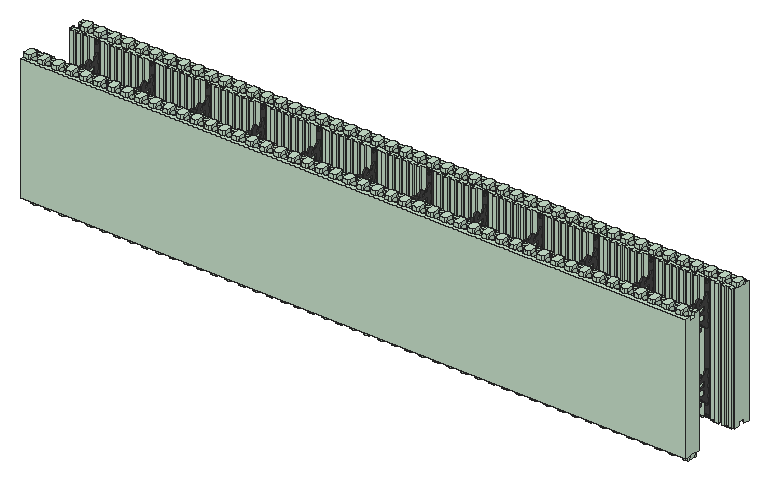
Revit family (continued)
Forms (in)
  Extrusion 44, void
    sketch origin (84, 0, 0) x (1, 0, 0) y (0, 1, 0)
      loop
        arc (1.74592, -3.64005) -> (1.72385, -3.68771) -> (1.67323, -3.70172) r 0.0625
        arc (1.67323, -3.70172) -> (1.42092, -3.69045) -> (1.17308, -3.73905) r 1.0625
        arc (1.17308, -3.73905) -> (1.04785, -3.82983) -> (1, -3.97692) r 0.25
        line (1, -3.97692) -> (1, -4.89808)
    from 18 to 17.5
  Extrusion 45, void
    sketch origin (86, 0, 0) x (1, 0, 0) y (0, 1, 0)
      loop
        arc (1, -4.89808) -> (1.04785, -5.04517) -> (1.17308, -5.13595) r 0.25
        arc (1.17308, -5.13595) -> (1.5, -5.1875) -> (1.82692, -5.13595) r 1.0625
        arc (1.82692, -5.13595) -> (1.95215, -5.04517) -> (2, -4.89808) r 0.25
        line (2, -4.89808) -> (2, -3.97692)
        arc (2, -3.97692) -> (1.98276, -3.88568) -> (1.9334, -3.80702) r 0.25
        arc (1.9334, -3.80702) -> (1.92106, -3.78736) -> (1.91675, -3.76455) r 0.0625
        line (1.91675, -3.76455) -> (1.91675, -3.41845) -> (1.74592, -3.41845) -> (1.74592, -3.64005)
        arc (1.74592, -3.64005) -> (1.72385, -3.68771) -> (1.67323, -3.70172) r 0.0625
        arc (1.67323, -3.70172) -> (1.42092, -3.69045) -> (1.17308, -3.73905) r 1.0625
        arc (1.17308, -3.73905) -> (1.04785, -3.82983) -> (1, -3.97692) r 0.25
        line (1, -3.97692) -> (1, -4.89808)
    from 18 to 17.5
  Extrusion 46, void
    sketch origin (88, 0, 0) x (1, 0, 0) y (0, 1, 0)
      loop
        arc (1, -4.89808) -> (1.04785, -5.04517) -> (1.17308, -5.13595) r 0.25
        arc (1.17308, -5.13595) -> (1.5, -5.1875) -> (1.82692, -5.13595) r 1.0625
        arc (1.82692, -5.13595) -> (1.95215, -5.04517) -> (2, -4.89808) r 0.25
        line (2, -4.89808) -> (2, -3.97692)
        arc (2, -3.97692) -> (1.98276, -3.88568) -> (1.9334, -3.80702) r 0.25
        arc (1.9334, -3.80702) -> (1.92106, -3.78736) -> (1.91675, -3.76455) r 0.0625
        line (1.91675, -3.76455) -> (1.91675, -3.41845) -> (1.74592, -3.41845) -> (1.74592, -3.64005)
        arc (1.74592, -3.64005) -> (1.72385, -3.68771) -> (1.67323, -3.70172) r 0.0625
        arc (1.67323, -3.70172) -> (1.42092, -3.69045) -> (1.17308, -3.73905) r 1.0625
        arc (1.17308, -3.73905) -> (1.04785, -3.82983) -> (1, -3.97692) r 0.25
        line (1, -3.97692) -> (1, -4.89808)
    from 18 to 17.5
  Extrusion 47, void
    sketch origin (90, 0, 0) x (1, 0, 0) y (0, 1, 0)
      loop
        arc (1, -4.89808) -> (1.04785, -5.04517) -> (1.17308, -5.13595) r 0.25
        arc (1.17308, -5.13595) -> (1.5, -5.1875) -> (1.82692, -5.13595) r 1.0625
        arc (1.82692, -5.13595) -> (1.95215, -5.04517) -> (2, -4.89808) r 0.25
        line (2, -4.89808) -> (2, -3.97692)
        arc (2, -3.97692) -> (1.98276, -3.88568) -> (1.9334, -3.80702) r 0.25
        arc (1.9334, -3.80702) -> (1.92106, -3.78736) -> (1.91675, -3.76455) r 0.0625
        line (1.91675, -3.76455) -> (1.91675, -3.41845) -> (1.74592, -3.41845) -> (1.74592, -3.64005)
        arc (1.74592, -3.64005) -> (1.72385, -3.68771) -> (1.67323, -3.70172) r 0.0625
        arc (1.67323, -3.70172) -> (1.42092, -3.69045) -> (1.17308, -3.73905) r 1.0625
        arc (1.17308, -3.73905) -> (1.04785, -3.82983) -> (1, -3.97692) r 0.25
        line (1, -3.97692) -> (1, -4.89808)
    from 18 to 17.5
  Extrusion 48, void
    sketch origin (92, 0, 0) x (1, 0, 0) y (0, 1, 0)
      loop
        arc (1, -4.89808) -> (1.04785, -5.04517) -> (1.17308, -5.13595) r 0.25
        arc (1.17308, -5.13595) -> (1.5, -5.1875) -> (1.82692, -5.13595) r 1.0625
        arc (1.82692, -5.13595) -> (1.95215, -5.04517) -> (2, -4.89808) r 0.25
        line (2, -4.89808) -> (2, -3.97692)
        arc (2, -3.97692) -> (1.98276, -3.88568) -> (1.9334, -3.80702) r 0.25
        arc (1.9334, -3.80702) -> (1.92106, -3.78736) -> (1.91675, -3.76455) r 0.0625
        line (1.91675, -3.76455) -> (1.91675, -3.41845) -> (1.74592, -3.41845) -> (1.74592, -3.64005)
        arc (1.74592, -3.64005) -> (1.72385, -3.68771) -> (1.67323, -3.70172) r 0.0625
        arc (1.67323, -3.70172) -> (1.42092, -3.69045) -> (1.17308, -3.73905) r 1.0625
        arc (1.17308, -3.73905) -> (1.04785, -3.82983) -> (1, -3.97692) r 0.25
        line (1, -3.97692) -> (1, -4.89808)
    from 18 to 17.5
  Extrusion 49, void
    sketch origin (94, 0, 0) x (1, 0, 0) y (0, 1, 0)
      loop
        arc (1, -4.89808) -> (1.04785, -5.04517) -> (1.17308, -5.13595) r 0.25
        arc (1.17308, -5.13595) -> (1.5, -5.1875) -> (1.82692, -5.13595) r 1.0625
        arc (1.82692, -5.13595) -> (1.95215, -5.04517) -> (2, -4.89808) r 0.25
        line (2, -4.89808) -> (2, -3.97692)
        arc (2, -3.97692) -> (1.98276, -3.88568) -> (1.9334, -3.80702) r 0.25
        arc (1.9334, -3.80702) -> (1.92106, -3.78736) -> (1.91675, -3.76455) r 0.0625
        line (1.91675, -3.76455) -> (1.91675, -3.41845) -> (1.74592, -3.41845) -> (1.74592, -3.64005)
        arc (1.74592, -3.64005) -> (1.72385, -3.68771) -> (1.67323, -3.70172) r 0.0625
        arc (1.67323, -3.70172) -> (1.42092, -3.69045) -> (1.17308, -3.73905) r 1.0625
        arc (1.17308, -3.73905) -> (1.04785, -3.82983) -> (1, -3.97692) r 0.25
        line (1, -3.97692) -> (1, -4.89808)
    from 18 to 17.5
  Extrusion 50, void
    sketch origin (96, 0, 0) x (-1, 0, 0) y (0, -1, 0)
      loop
        arc (1, -4.89808) -> (1.04785, -5.04517) -> (1.17308, -5.13595) r 0.25
        arc (1.17308, -5.13595) -> (1.5, -5.1875) -> (1.82692, -5.13595) r 1.0625
        arc (1.82692, -5.13595) -> (1.95215, -5.04517) -> (2, -4.89808) r 0.25
        line (2, -4.89808) -> (2, -3.97692)
        arc (2, -3.97692) -> (1.98276, -3.88568) -> (1.9334, -3.80702) r 0.25
        arc (1.9334, -3.80702) -> (1.92106, -3.78736) -> (1.91675, -3.76455) r 0.0625
        line (1.91675, -3.76455) -> (1.91675, -3.41845) -> (1.74592, -3.41845) -> (1.74592, -3.64005)
        arc (1.74592, -3.64005) -> (1.72385, -3.68771) -> (1.67323, -3.70172) r 0.0625
        arc (1.67323, -3.70172) -> (1.42092, -3.69045) -> (1.17308, -3.73905) r 1.0625
        arc (1.17308, -3.73905) -> (1.04785, -3.82983) -> (1, -3.97692) r 0.25
        line (1, -3.97692) -> (1, -4.89808)
    from 18 to 17.5
  Extrusion 51, void
    sketch origin (94, 0, 0) x (-1, 0, 0) y (0, -1, 0)
      loop
        arc (1, -4.89808) -> (1.04785, -5.04517) -> (1.17308, -5.13595) r 0.25
        arc (1.17308, -5.13595) -> (1.5, -5.1875) -> (1.82692, -5.13595) r 1.0625
        arc (1.82692, -5.13595) -> (1.95215, -5.04517) -> (2, -4.89808) r 0.25
        line (2, -4.89808) -> (2, -3.97692)
        arc (2, -3.97692) -> (1.98276, -3.88568) -> (1.9334, -3.80702) r 0.25
        arc (1.9334, -3.80702) -> (1.92106, -3.78736) -> (1.91675, -3.76455) r 0.0625
        line (1.91675, -3.76455) -> (1.91675, -3.41845) -> (1.74592, -3.41845) -> (1.74592, -3.64005)
        arc (1.74592, -3.64005) -> (1.72385, -3.68771) -> (1.67323, -3.70172) r 0.0625
        arc (1.67323, -3.70172) -> (1.42092, -3.69045) -> (1.17308, -3.73905) r 1.0625
        arc (1.17308, -3.73905) -> (1.04785, -3.82983) -> (1, -3.97692) r 0.25
        line (1, -3.97692) -> (1, -4.89808)
    from 18 to 17.5
  Extrusion 52, void
    sketch origin (92, 0, 0) x (-1, 0, 0) y (0, -1, 0)
      loop
        arc (1, -4.89808) -> (1.04785, -5.04517) -> (1.17308, -5.13595) r 0.25
        arc (1.17308, -5.13595) -> (1.5, -5.1875) -> (1.82692, -5.13595) r 1.0625
        arc (1.82692, -5.13595) -> (1.95215, -5.04517) -> (2, -4.89808) r 0.25
        line (2, -4.89808) -> (2, -3.97692)
        arc (2, -3.97692) -> (1.98276, -3.88568) -> (1.9334, -3.80702) r 0.25
        arc (1.9334, -3.80702) -> (1.92106, -3.78736) -> (1.91675, -3.76455) r 0.0625
        line (1.91675, -3.76455) -> (1.91675, -3.41845) -> (1.74592, -3.41845) -> (1.74592, -3.64005)
        arc (1.74592, -3.64005) -> (1.72385, -3.68771) -> (1.67323, -3.70172) r 0.0625
        arc (1.67323, -3.70172) -> (1.42092, -3.69045) -> (1.17308, -3.73905) r 1.0625
        arc (1.17308, -3.73905) -> (1.04785, -3.82983) -> (1, -3.97692) r 0.25
        line (1, -3.97692) -> (1, -4.89808)
    from 18 to 17.5
  Extrusion 53, void
    sketch origin (90, 0, 0) x (-1, 0, 0) y (0, -1, 0)
      loop
        arc (1, -4.89808) -> (1.04785, -5.04517) -> (1.17308, -5.13595) r 0.25
        arc (1.17308, -5.13595) -> (1.5, -5.1875) -> (1.82692, -5.13595) r 1.0625
        arc (1.82692, -5.13595) -> (1.95215, -5.04517) -> (2, -4.89808) r 0.25
        line (2, -4.89808) -> (2, -3.97692)
        arc (2, -3.97692) -> (1.98276, -3.88568) -> (1.9334, -3.80702) r 0.25
        arc (1.9334, -3.80702) -> (1.92106, -3.78736) -> (1.91675, -3.76455) r 0.0625
        line (1.91675, -3.76455) -> (1.91675, -3.41845) -> (1.74592, -3.41845) -> (1.74592, -3.64005)
        arc (1.74592, -3.64005) -> (1.72385, -3.68771) -> (1.67323, -3.70172) r 0.0625
        arc (1.67323, -3.70172) -> (1.42092, -3.69045) -> (1.17308, -3.73905) r 1.0625
        arc (1.17308, -3.73905) -> (1.04785, -3.82983) -> (1, -3.97692) r 0.25
        line (1, -3.97692) -> (1, -4.89808)
    from 18 to 17.5
  Extrusion 54, void
    sketch origin (88, 0, 0) x (-1, 0, 0) y (0, -1, 0)
      loop
        arc (1, -4.89808) -> (1.04785, -5.04517) -> (1.17308, -5.13595) r 0.25
        arc (1.17308, -5.13595) -> (1.5, -5.1875) -> (1.82692, -5.13595) r 1.0625
        arc (1.82692, -5.13595) -> (1.95215, -5.04517) -> (2, -4.89808) r 0.25
        line (2, -4.89808) -> (2, -3.97692)
        arc (2, -3.97692) -> (1.98276, -3.88568) -> (1.9334, -3.80702) r 0.25
        arc (1.9334, -3.80702) -> (1.92106, -3.78736) -> (1.91675, -3.76455) r 0.0625
        line (1.91675, -3.76455) -> (1.91675, -3.41845) -> (1.74592, -3.41845) -> (1.74592, -3.64005)
        arc (1.74592, -3.64005) -> (1.72385, -3.68771) -> (1.67323, -3.70172) r 0.0625
        arc (1.67323, -3.70172) -> (1.42092, -3.69045) -> (1.17308, -3.73905) r 1.0625
        arc (1.17308, -3.73905) -> (1.04785, -3.82983) -> (1, -3.97692) r 0.25
        line (1, -3.97692) -> (1, -4.89808)
    from 18 to 17.5
  Extrusion 55, void
    sketch origin (86, 0, 0) x (-1, 0, 0) y (0, -1, 0)
      loop
        arc (1, -4.89808) -> (1.04785, -5.04517) -> (1.17308, -5.13595) r 0.25
        arc (1.17308, -5.13595) -> (1.5, -5.1875) -> (1.82692, -5.13595) r 1.0625
        arc (1.82692, -5.13595) -> (1.95215, -5.04517) -> (2, -4.89808) r 0.25
        line (2, -4.89808) -> (2, -3.97692)
        arc (2, -3.97692) -> (1.98276, -3.88568) -> (1.9334, -3.80702) r 0.25
        arc (1.9334, -3.80702) -> (1.92106, -3.78736) -> (1.91675, -3.76455) r 0.0625
        line (1.91675, -3.76455) -> (1.91675, -3.41845) -> (1.74592, -3.41845) -> (1.74592, -3.64005)
        arc (1.74592, -3.64005) -> (1.72385, -3.68771) -> (1.67323, -3.70172) r 0.0625
        arc (1.67323, -3.70172) -> (1.42092, -3.69045) -> (1.17308, -3.73905) r 1.0625
        arc (1.17308, -3.73905) -> (1.04785, -3.82983) -> (1, -3.97692) r 0.25
        line (1, -3.97692) -> (1, -4.89808)
    from 18 to 17.5
  Extrusion 56, void
    sketch origin (84, 0, 0) x (-1, 0, 0) y (0, -1, 0)
      loop
        arc (1, -4.89808) -> (1.04785, -5.04517) -> (1.17308, -5.13595) r 0.25
        arc (1.17308, -5.13595) -> (1.5, -5.1875) -> (1.82692, -5.13595) r 1.0625
        arc (1.82692, -5.13595) -> (1.95215, -5.04517) -> (2, -4.89808) r 0.25
        line (2, -4.89808) -> (2, -3.97692)
        arc (2, -3.97692) -> (1.98276, -3.88568) -> (1.9334, -3.80702) r 0.25
        arc (1.9334, -3.80702) -> (1.92106, -3.78736) -> (1.91675, -3.76455) r 0.0625
        line (1.91675, -3.76455) -> (1.91675, -3.41845) -> (1.74592, -3.41845) -> (1.74592, -3.64005)
        arc (1.74592, -3.64005) -> (1.72385, -3.68771) -> (1.67323, -3.70172) r 0.0625
        arc (1.67323, -3.70172) -> (1.42092, -3.69045) -> (1.17308, -3.73905) r 1.0625
        arc (1.17308, -3.73905) -> (1.04785, -3.82983) -> (1, -3.97692) r 0.25
        line (1, -3.97692) -> (1, -4.89808)
    from 18 to 17.5
  Extrusion 57, void
    sketch origin (82, 0, 0) x (-1, 0, 0) y (0, -1, 0)
      loop
        arc (1, -4.89808) -> (1.04785, -5.04517) -> (1.17308, -5.13595) r 0.25
        arc (1.17308, -5.13595) -> (1.5, -5.1875) -> (1.82692, -5.13595) r 1.0625
        arc (1.82692, -5.13595) -> (1.95215, -5.04517) -> (2, -4.89808) r 0.25
        line (2, -4.89808) -> (2, -3.97692)
        arc (2, -3.97692) -> (1.98276, -3.88568) -> (1.9334, -3.80702) r 0.25
        arc (1.9334, -3.80702) -> (1.92106, -3.78736) -> (1.91675, -3.76455) r 0.0625
        line (1.91675, -3.76455) -> (1.91675, -3.41845) -> (1.74592, -3.41845) -> (1.74592, -3.64005)
        arc (1.74592, -3.64005) -> (1.72385, -3.68771) -> (1.67323, -3.70172) r 0.0625
        arc (1.67323, -3.70172) -> (1.42092, -3.69045) -> (1.17308, -3.73905) r 1.0625
        arc (1.17308, -3.73905) -> (1.04785, -3.82983) -> (1, -3.97692) r 0.25
        line (1, -3.97692) -> (1, -4.89808)
    from 18 to 17.5
  Extrusion 58, void
    sketch origin (80, 0, 0) x (-1, 0, 0) y (0, -1, 0)
      loop
        arc (1, -4.89808) -> (1.04785, -5.04517) -> (1.17308, -5.13595) r 0.25
        arc (1.17308, -5.13595) -> (1.5, -5.1875) -> (1.82692, -5.13595) r 1.0625
        arc (1.82692, -5.13595) -> (1.95215, -5.04517) -> (2, -4.89808) r 0.25
        line (2, -4.89808) -> (2, -3.97692)
        arc (2, -3.97692) -> (1.98276, -3.88568) -> (1.9334, -3.80702) r 0.25
        arc (1.9334, -3.80702) -> (1.92106, -3.78736) -> (1.91675, -3.76455) r 0.0625
        line (1.91675, -3.76455) -> (1.91675, -3.41845) -> (1.74592, -3.41845) -> (1.74592, -3.64005)
        arc (1.74592, -3.64005) -> (1.72385, -3.68771) -> (1.67323, -3.70172) r 0.0625
        arc (1.67323, -3.70172) -> (1.42092, -3.69045) -> (1.17308, -3.73905) r 1.0625
        arc (1.17308, -3.73905) -> (1.04785, -3.82983) -> (1, -3.97692) r 0.25
        line (1, -3.97692) -> (1, -4.89808)
    from 18 to 17.5
  Extrusion 59, void
    sketch origin (78, 0, 0) x (-1, 0, 0) y (0, -1, 0)
      loop
        arc (1, -4.89808) -> (1.04785, -5.04517) -> (1.17308, -5.13595) r 0.25
        arc (1.17308, -5.13595) -> (1.5, -5.1875) -> (1.82692, -5.13595) r 1.0625
        arc (1.82692, -5.13595) -> (1.95215, -5.04517) -> (2, -4.89808) r 0.25
        line (2, -4.89808) -> (2, -3.97692)
        arc (2, -3.97692) -> (1.98276, -3.88568) -> (1.9334, -3.80702) r 0.25
        arc (1.9334, -3.80702) -> (1.92106, -3.78736) -> (1.91675, -3.76455) r 0.0625
        line (1.91675, -3.76455) -> (1.91675, -3.41845) -> (1.74592, -3.41845) -> (1.74592, -3.64005)
        arc (1.74592, -3.64005) -> (1.72385, -3.68771) -> (1.67323, -3.70172) r 0.0625
        arc (1.67323, -3.70172) -> (1.42092, -3.69045) -> (1.17308, -3.73905) r 1.0625
        arc (1.17308, -3.73905) -> (1.04785, -3.82983) -> (1, -3.97692) r 0.25
        line (1, -3.97692) -> (1, -4.89808)
    from 18 to 17.5
  Extrusion 60, void
    sketch origin (76, 0, 0) x (-1, 0, 0) y (0, -1, 0)
      loop
        arc (1, -4.89808) -> (1.04785, -5.04517) -> (1.17308, -5.13595) r 0.25
        arc (1.17308, -5.13595) -> (1.5, -5.1875) -> (1.82692, -5.13595) r 1.0625
        arc (1.82692, -5.13595) -> (1.95215, -5.04517) -> (2, -4.89808) r 0.25
        line (2, -4.89808) -> (2, -3.97692)
        arc (2, -3.97692) -> (1.98276, -3.88568) -> (1.9334, -3.80702) r 0.25
        arc (1.9334, -3.80702) -> (1.92106, -3.78736) -> (1.91675, -3.76455) r 0.0625
        line (1.91675, -3.76455) -> (1.91675, -3.41845) -> (1.74592, -3.41845) -> (1.74592, -3.64005)
        arc (1.74592, -3.64005) -> (1.72385, -3.68771) -> (1.67323, -3.70172) r 0.0625
        arc (1.67323, -3.70172) -> (1.42092, -3.69045) -> (1.17308, -3.73905) r 1.0625
        arc (1.17308, -3.73905) -> (1.04785, -3.82983) -> (1, -3.97692) r 0.25
        line (1, -3.97692) -> (1, -4.89808)
    from 18 to 17.5
  Extrusion 61, void
    sketch origin (74, 0, 0) x (-1, 0, 0) y (0, -1, 0)
      loop
        arc (1, -4.89808) -> (1.04785, -5.04517) -> (1.17308, -5.13595) r 0.25
        arc (1.17308, -5.13595) -> (1.5, -5.1875) -> (1.82692, -5.13595) r 1.0625
        arc (1.82692, -5.13595) -> (1.95215, -5.04517) -> (2, -4.89808) r 0.25
        line (2, -4.89808) -> (2, -3.97692)
        arc (2, -3.97692) -> (1.98276, -3.88568) -> (1.9334, -3.80702) r 0.25
        arc (1.9334, -3.80702) -> (1.92106, -3.78736) -> (1.91675, -3.76455) r 0.0625
        line (1.91675, -3.76455) -> (1.91675, -3.41845) -> (1.74592, -3.41845) -> (1.74592, -3.64005)
        arc (1.74592, -3.64005) -> (1.72385, -3.68771) -> (1.67323, -3.70172) r 0.0625
        arc (1.67323, -3.70172) -> (1.42092, -3.69045) -> (1.17308, -3.73905) r 1.0625
        arc (1.17308, -3.73905) -> (1.04785, -3.82983) -> (1, -3.97692) r 0.25
        line (1, -3.97692) -> (1, -4.89808)
    from 18 to 17.5
  Extrusion 62, void
    sketch origin (72, 0, 0) x (-1, 0, 0) y (0, -1, 0)
      loop
        arc (1, -4.89808) -> (1.04785, -5.04517) -> (1.17308, -5.13595) r 0.25
        arc (1.17308, -5.13595) -> (1.5, -5.1875) -> (1.82692, -5.13595) r 1.0625
        arc (1.82692, -5.13595) -> (1.95215, -5.04517) -> (2, -4.89808) r 0.25
        line (2, -4.89808) -> (2, -3.97692)
        arc (2, -3.97692) -> (1.98276, -3.88568) -> (1.9334, -3.80702) r 0.25
        arc (1.9334, -3.80702) -> (1.92106, -3.78736) -> (1.91675, -3.76455) r 0.0625
        line (1.91675, -3.76455) -> (1.91675, -3.41845) -> (1.74592, -3.41845) -> (1.74592, -3.64005)
        arc (1.74592, -3.64005) -> (1.72385, -3.68771) -> (1.67323, -3.70172) r 0.0625
        arc (1.67323, -3.70172) -> (1.42092, -3.69045) -> (1.17308, -3.73905) r 1.0625
        arc (1.17308, -3.73905) -> (1.04785, -3.82983) -> (1, -3.97692) r 0.25
        line (1, -3.97692) -> (1, -4.89808)
    from 18 to 17.5
  Extrusion 63, void
    sketch origin (70, 0, 0) x (-1, 0, 0) y (0, -1, 0)
      loop
        arc (1, -4.89808) -> (1.04785, -5.04517) -> (1.17308, -5.13595) r 0.25
        arc (1.17308, -5.13595) -> (1.5, -5.1875) -> (1.82692, -5.13595) r 1.0625
        arc (1.82692, -5.13595) -> (1.95215, -5.04517) -> (2, -4.89808) r 0.25
        line (2, -4.89808) -> (2, -3.97692)
        arc (2, -3.97692) -> (1.98276, -3.88568) -> (1.9334, -3.80702) r 0.25
        arc (1.9334, -3.80702) -> (1.92106, -3.78736) -> (1.91675, -3.76455) r 0.0625
        line (1.91675, -3.76455) -> (1.91675, -3.41845) -> (1.74592, -3.41845) -> (1.74592, -3.64005)
        arc (1.74592, -3.64005) -> (1.72385, -3.68771) -> (1.67323, -3.70172) r 0.0625
        arc (1.67323, -3.70172) -> (1.42092, -3.69045) -> (1.17308, -3.73905) r 1.0625
        arc (1.17308, -3.73905) -> (1.04785, -3.82983) -> (1, -3.97692) r 0.25
        line (1, -3.97692) -> (1, -4.89808)
    from 18 to 17.5
  Extrusion 64, void
    sketch origin (68, 0, 0) x (-1, 0, 0) y (0, -1, 0)
      loop
        arc (1, -4.89808) -> (1.04785, -5.04517) -> (1.17308, -5.13595) r 0.25
        arc (1.17308, -5.13595) -> (1.5, -5.1875) -> (1.82692, -5.13595) r 1.0625
        arc (1.82692, -5.13595) -> (1.95215, -5.04517) -> (2, -4.89808) r 0.25
        line (2, -4.89808) -> (2, -3.97692)
        arc (2, -3.97692) -> (1.98276, -3.88568) -> (1.9334, -3.80702) r 0.25
        arc (1.9334, -3.80702) -> (1.92106, -3.78736) -> (1.91675, -3.76455) r 0.0625
        line (1.91675, -3.76455) -> (1.91675, -3.41845) -> (1.74592, -3.41845) -> (1.74592, -3.64005)
        arc (1.74592, -3.64005) -> (1.72385, -3.68771) -> (1.67323, -3.70172) r 0.0625
        arc (1.67323, -3.70172) -> (1.42092, -3.69045) -> (1.17308, -3.73905) r 1.0625
        arc (1.17308, -3.73905) -> (1.04785, -3.82983) -> (1, -3.97692) r 0.25
        line (1, -3.97692) -> (1, -4.89808)
    from 18 to 17.5
  Extrusion 65, void
    sketch origin (66, 0, 0) x (-1, 0, 0) y (0, -1, 0)
      loop
        arc (1, -4.89808) -> (1.04785, -5.04517) -> (1.17308, -5.13595) r 0.25
        arc (1.17308, -5.13595) -> (1.5, -5.1875) -> (1.82692, -5.13595) r 1.0625
        arc (1.82692, -5.13595) -> (1.95215, -5.04517) -> (2, -4.89808) r 0.25
        line (2, -4.89808) -> (2, -3.97692)
        arc (2, -3.97692) -> (1.98276, -3.88568) -> (1.9334, -3.80702) r 0.25
        arc (1.9334, -3.80702) -> (1.92106, -3.78736) -> (1.91675, -3.76455) r 0.0625
        line (1.91675, -3.76455) -> (1.91675, -3.41845) -> (1.74592, -3.41845) -> (1.74592, -3.64005)
        arc (1.74592, -3.64005) -> (1.72385, -3.68771) -> (1.67323, -3.70172) r 0.0625
        arc (1.67323, -3.70172) -> (1.42092, -3.69045) -> (1.17308, -3.73905) r 1.0625
        arc (1.17308, -3.73905) -> (1.04785, -3.82983) -> (1, -3.97692) r 0.25
        line (1, -3.97692) -> (1, -4.89808)
    from 18 to 17.5
  Extrusion 66, void
    sketch origin (64, 0, 0) x (-1, 0, 0) y (0, -1, 0)
      loop
        arc (1, -4.89808) -> (1.04785, -5.04517) -> (1.17308, -5.13595) r 0.25
        arc (1.17308, -5.13595) -> (1.5, -5.1875) -> (1.82692, -5.13595) r 1.0625
        arc (1.82692, -5.13595) -> (1.95215, -5.04517) -> (2, -4.89808) r 0.25
        line (2, -4.89808) -> (2, -3.97692)
        arc (2, -3.97692) -> (1.98276, -3.88568) -> (1.9334, -3.80702) r 0.25
        arc (1.9334, -3.80702) -> (1.92106, -3.78736) -> (1.91675, -3.76455) r 0.0625
        line (1.91675, -3.76455) -> (1.91675, -3.41845) -> (1.74592, -3.41845) -> (1.74592, -3.64005)
        arc (1.74592, -3.64005) -> (1.72385, -3.68771) -> (1.67323, -3.70172) r 0.0625
        arc (1.67323, -3.70172) -> (1.42092, -3.69045) -> (1.17308, -3.73905) r 1.0625
        arc (1.17308, -3.73905) -> (1.04785, -3.82983) -> (1, -3.97692) r 0.25
        line (1, -3.97692) -> (1, -4.89808)
    from 18 to 17.5
  Extrusion 67, void
    sketch origin (62, 0, 0) x (-1, 0, 0) y (0, -1, 0)
      loop
        arc (1, -4.89808) -> (1.04785, -5.04517) -> (1.17308, -5.13595) r 0.25
        arc (1.17308, -5.13595) -> (1.5, -5.1875) -> (1.82692, -5.13595) r 1.0625
        arc (1.82692, -5.13595) -> (1.95215, -5.04517) -> (2, -4.89808) r 0.25
        line (2, -4.89808) -> (2, -3.97692)
        arc (2, -3.97692) -> (1.98276, -3.88568) -> (1.9334, -3.80702) r 0.25
        arc (1.9334, -3.80702) -> (1.92106, -3.78736) -> (1.91675, -3.76455) r 0.0625
        line (1.91675, -3.76455) -> (1.91675, -3.41845) -> (1.74592, -3.41845) -> (1.74592, -3.64005)
        arc (1.74592, -3.64005) -> (1.72385, -3.68771) -> (1.67323, -3.70172) r 0.0625
        arc (1.67323, -3.70172) -> (1.42092, -3.69045) -> (1.17308, -3.73905) r 1.0625
        arc (1.17308, -3.73905) -> (1.04785, -3.82983) -> (1, -3.97692) r 0.25
        line (1, -3.97692) -> (1, -4.89808)
    from 18 to 17.5
  Extrusion 68, void
    sketch origin (60, 0, 0) x (-1, 0, 0) y (0, -1, 0)
      loop
        arc (1, -4.89808) -> (1.04785, -5.04517) -> (1.17308, -5.13595) r 0.25
        arc (1.17308, -5.13595) -> (1.5, -5.1875) -> (1.82692, -5.13595) r 1.0625
        arc (1.82692, -5.13595) -> (1.95215, -5.04517) -> (2, -4.89808) r 0.25
        line (2, -4.89808) -> (2, -3.97692)
        arc (2, -3.97692) -> (1.98276, -3.88568) -> (1.9334, -3.80702) r 0.25
        arc (1.9334, -3.80702) -> (1.92106, -3.78736) -> (1.91675, -3.76455) r 0.0625
        line (1.91675, -3.76455) -> (1.91675, -3.41845) -> (1.74592, -3.41845) -> (1.74592, -3.64005)
        arc (1.74592, -3.64005) -> (1.72385, -3.68771) -> (1.67323, -3.70172) r 0.0625
        arc (1.67323, -3.70172) -> (1.42092, -3.69045) -> (1.17308, -3.73905) r 1.0625
        arc (1.17308, -3.73905) -> (1.04785, -3.82983) -> (1, -3.97692) r 0.25
        line (1, -3.97692) -> (1, -4.89808)
    from 18 to 17.5
  Extrusion 69, void
    sketch origin (58, 0, 0) x (-1, 0, 0) y (0, -1, 0)
      loop
        arc (1, -4.89808) -> (1.04785, -5.04517) -> (1.17308, -5.13595) r 0.25
        arc (1.17308, -5.13595) -> (1.5, -5.1875) -> (1.82692, -5.13595) r 1.0625
        arc (1.82692, -5.13595) -> (1.95215, -5.04517) -> (2, -4.89808) r 0.25
        line (2, -4.89808) -> (2, -3.97692)
        arc (2, -3.97692) -> (1.98276, -3.88568) -> (1.9334, -3.80702) r 0.25
        arc (1.9334, -3.80702) -> (1.92106, -3.78736) -> (1.91675, -3.76455) r 0.0625
        line (1.91675, -3.76455) -> (1.91675, -3.41845) -> (1.74592, -3.41845) -> (1.74592, -3.64005)
        arc (1.74592, -3.64005) -> (1.72385, -3.68771) -> (1.67323, -3.70172) r 0.0625
        arc (1.67323, -3.70172) -> (1.42092, -3.69045) -> (1.17308, -3.73905) r 1.0625
        arc (1.17308, -3.73905) -> (1.04785, -3.82983) -> (1, -3.97692) r 0.25
        line (1, -3.97692) -> (1, -4.89808)
    from 18 to 17.5
  Extrusion 70, void
    sketch origin (56, 0, 0) x (-1, 0, 0) y (0, -1, 0)
      loop
        arc (1, -4.89808) -> (1.04785, -5.04517) -> (1.17308, -5.13595) r 0.25
        arc (1.17308, -5.13595) -> (1.5, -5.1875) -> (1.82692, -5.13595) r 1.0625
        arc (1.82692, -5.13595) -> (1.95215, -5.04517) -> (2, -4.89808) r 0.25
        line (2, -4.89808) -> (2, -3.97692)
        arc (2, -3.97692) -> (1.98276, -3.88568) -> (1.9334, -3.80702) r 0.25
        arc (1.9334, -3.80702) -> (1.92106, -3.78736) -> (1.91675, -3.76455) r 0.0625
        line (1.91675, -3.76455) -> (1.91675, -3.41845) -> (1.74592, -3.41845) -> (1.74592, -3.64005)
        arc (1.74592, -3.64005) -> (1.72385, -3.68771) -> (1.67323, -3.70172) r 0.0625
        arc (1.67323, -3.70172) -> (1.42092, -3.69045) -> (1.17308, -3.73905) r 1.0625
        arc (1.17308, -3.73905) -> (1.04785, -3.82983) -> (1, -3.97692) r 0.25
        line (1, -3.97692) -> (1, -4.89808)
    from 18 to 17.5
  Extrusion 71, void
    sketch origin (54, 0, 0) x (-1, 0, 0) y (0, -1, 0)
      loop
        arc (1, -4.89808) -> (1.04785, -5.04517) -> (1.17308, -5.13595) r 0.25
        arc (1.17308, -5.13595) -> (1.5, -5.1875) -> (1.82692, -5.13595) r 1.0625
        arc (1.82692, -5.13595) -> (1.95215, -5.04517) -> (2, -4.89808) r 0.25
        line (2, -4.89808) -> (2, -3.97692)
        arc (2, -3.97692) -> (1.98276, -3.88568) -> (1.9334, -3.80702) r 0.25
        arc (1.9334, -3.80702) -> (1.92106, -3.78736) -> (1.91675, -3.76455) r 0.0625
        line (1.91675, -3.76455) -> (1.91675, -3.41845) -> (1.74592, -3.41845) -> (1.74592, -3.64005)
        arc (1.74592, -3.64005) -> (1.72385, -3.68771) -> (1.67323, -3.70172) r 0.0625
        arc (1.67323, -3.70172) -> (1.42092, -3.69045) -> (1.17308, -3.73905) r 1.0625
        arc (1.17308, -3.73905) -> (1.04785, -3.82983) -> (1, -3.97692) r 0.25
        line (1, -3.97692) -> (1, -4.89808)
    from 18 to 17.5
  Extrusion 72, void
    sketch origin (52, 0, 0) x (-1, 0, 0) y (0, -1, 0)
      loop
        arc (1, -4.89808) -> (1.04785, -5.04517) -> (1.17308, -5.13595) r 0.25
        arc (1.17308, -5.13595) -> (1.5, -5.1875) -> (1.82692, -5.13595) r 1.0625
        arc (1.82692, -5.13595) -> (1.95215, -5.04517) -> (2, -4.89808) r 0.25
        line (2, -4.89808) -> (2, -3.97692)
        arc (2, -3.97692) -> (1.98276, -3.88568) -> (1.9334, -3.80702) r 0.25
        arc (1.9334, -3.80702) -> (1.92106, -3.78736) -> (1.91675, -3.76455) r 0.0625
        line (1.91675, -3.76455) -> (1.91675, -3.41845) -> (1.74592, -3.41845) -> (1.74592, -3.64005)
        arc (1.74592, -3.64005) -> (1.72385, -3.68771) -> (1.67323, -3.70172) r 0.0625
        arc (1.67323, -3.70172) -> (1.42092, -3.69045) -> (1.17308, -3.73905) r 1.0625
        arc (1.17308, -3.73905) -> (1.04785, -3.82983) -> (1, -3.97692) r 0.25
        line (1, -3.97692) -> (1, -4.89808)
    from 18 to 17.5
  Extrusion 73, void
    sketch origin (50, 0, 0) x (-1, 0, 0) y (0, -1, 0)
      loop
        arc (1, -4.89808) -> (1.04785, -5.04517) -> (1.17308, -5.13595) r 0.25
        arc (1.17308, -5.13595) -> (1.5, -5.1875) -> (1.82692, -5.13595) r 1.0625
        arc (1.82692, -5.13595) -> (1.95215, -5.04517) -> (2, -4.89808) r 0.25
        line (2, -4.89808) -> (2, -3.97692)
        arc (2, -3.97692) -> (1.98276, -3.88568) -> (1.9334, -3.80702) r 0.25
        arc (1.9334, -3.80702) -> (1.92106, -3.78736) -> (1.91675, -3.76455) r 0.0625
        line (1.91675, -3.76455) -> (1.91675, -3.41845) -> (1.74592, -3.41845) -> (1.74592, -3.64005)
        arc (1.74592, -3.64005) -> (1.72385, -3.68771) -> (1.67323, -3.70172) r 0.0625
        arc (1.67323, -3.70172) -> (1.42092, -3.69045) -> (1.17308, -3.73905) r 1.0625
        arc (1.17308, -3.73905) -> (1.04785, -3.82983) -> (1, -3.97692) r 0.25
        line (1, -3.97692) -> (1, -4.89808)
    from 18 to 17.5
  Extrusion 74, void
    sketch origin (48, 0, 0) x (-1, 0, 0) y (0, -1, 0)
      loop
        arc (1, -4.89808) -> (1.04785, -5.04517) -> (1.17308, -5.13595) r 0.25
        arc (1.17308, -5.13595) -> (1.5, -5.1875) -> (1.82692, -5.13595) r 1.0625
        arc (1.82692, -5.13595) -> (1.95215, -5.04517) -> (2, -4.89808) r 0.25
        line (2, -4.89808) -> (2, -3.97692)
        arc (2, -3.97692) -> (1.98276, -3.88568) -> (1.9334, -3.80702) r 0.25
        arc (1.9334, -3.80702) -> (1.92106, -3.78736) -> (1.91675, -3.76455) r 0.0625
        line (1.91675, -3.76455) -> (1.91675, -3.41845) -> (1.74592, -3.41845) -> (1.74592, -3.64005)
        arc (1.74592, -3.64005) -> (1.72385, -3.68771) -> (1.67323, -3.70172) r 0.0625
        arc (1.67323, -3.70172) -> (1.42092, -3.69045) -> (1.17308, -3.73905) r 1.0625
        arc (1.17308, -3.73905) -> (1.04785, -3.82983) -> (1, -3.97692) r 0.25
        line (1, -3.97692) -> (1, -4.89808)
    from 18 to 17.5
  Extrusion 75, void
    sketch origin (46, 0, 0) x (-1, 0, 0) y (0, -1, 0)
      loop
        arc (1, -4.89808) -> (1.04785, -5.04517) -> (1.17308, -5.13595) r 0.25
        arc (1.17308, -5.13595) -> (1.5, -5.1875) -> (1.82692, -5.13595) r 1.0625
        arc (1.82692, -5.13595) -> (1.95215, -5.04517) -> (2, -4.89808) r 0.25
        line (2, -4.89808) -> (2, -3.97692)
        arc (2, -3.97692) -> (1.98276, -3.88568) -> (1.9334, -3.80702) r 0.25
        arc (1.9334, -3.80702) -> (1.92106, -3.78736) -> (1.91675, -3.76455) r 0.0625
        line (1.91675, -3.76455) -> (1.91675, -3.41845) -> (1.74592, -3.41845) -> (1.74592, -3.64005)
        arc (1.74592, -3.64005) -> (1.72385, -3.68771) -> (1.67323, -3.70172) r 0.0625
        arc (1.67323, -3.70172) -> (1.42092, -3.69045) -> (1.17308, -3.73905) r 1.0625
        arc (1.17308, -3.73905) -> (1.04785, -3.82983) -> (1, -3.97692) r 0.25
        line (1, -3.97692) -> (1, -4.89808)
    from 18 to 17.5
  Extrusion 76, void
    sketch origin (44, 0, 0) x (-1, 0, 0) y (0, -1, 0)
      loop
        arc (1, -4.89808) -> (1.04785, -5.04517) -> (1.17308, -5.13595) r 0.25
        arc (1.17308, -5.13595) -> (1.5, -5.1875) -> (1.82692, -5.13595) r 1.0625
        arc (1.82692, -5.13595) -> (1.95215, -5.04517) -> (2, -4.89808) r 0.25
        line (2, -4.89808) -> (2, -3.97692)
        arc (2, -3.97692) -> (1.98276, -3.88568) -> (1.9334, -3.80702) r 0.25
        arc (1.9334, -3.80702) -> (1.92106, -3.78736) -> (1.91675, -3.76455) r 0.0625
        line (1.91675, -3.76455) -> (1.91675, -3.41845) -> (1.74592, -3.41845) -> (1.74592, -3.64005)
        arc (1.74592, -3.64005) -> (1.72385, -3.68771) -> (1.67323, -3.70172) r 0.0625
        arc (1.67323, -3.70172) -> (1.42092, -3.69045) -> (1.17308, -3.73905) r 1.0625
        arc (1.17308, -3.73905) -> (1.04785, -3.82983) -> (1, -3.97692) r 0.25
        line (1, -3.97692) -> (1, -4.89808)
    from 18 to 17.5
  Extrusion 77, void
    sketch origin (42, 0, 0) x (-1, 0, 0) y (0, -1, 0)
      loop
        arc (1, -4.89808) -> (1.04785, -5.04517) -> (1.17308, -5.13595) r 0.25
        arc (1.17308, -5.13595) -> (1.5, -5.1875) -> (1.82692, -5.13595) r 1.0625
        arc (1.82692, -5.13595) -> (1.95215, -5.04517) -> (2, -4.89808) r 0.25
        line (2, -4.89808) -> (2, -3.97692)
        arc (2, -3.97692) -> (1.98276, -3.88568) -> (1.9334, -3.80702) r 0.25
        arc (1.9334, -3.80702) -> (1.92106, -3.78736) -> (1.91675, -3.76455) r 0.0625
        line (1.91675, -3.76455) -> (1.91675, -3.41845) -> (1.74592, -3.41845) -> (1.74592, -3.64005)
        arc (1.74592, -3.64005) -> (1.72385, -3.68771) -> (1.67323, -3.70172) r 0.0625
        arc (1.67323, -3.70172) -> (1.42092, -3.69045) -> (1.17308, -3.73905) r 1.0625
        arc (1.17308, -3.73905) -> (1.04785, -3.82983) -> (1, -3.97692) r 0.25
        line (1, -3.97692) -> (1, -4.89808)
    from 18 to 17.5
  Extrusion 78, void
    sketch origin (40, 0, 0) x (-1, 0, 0) y (0, -1, 0)
      loop
        arc (1, -4.89808) -> (1.04785, -5.04517) -> (1.17308, -5.13595) r 0.25
        arc (1.17308, -5.13595) -> (1.5, -5.1875) -> (1.82692, -5.13595) r 1.0625
        arc (1.82692, -5.13595) -> (1.95215, -5.04517) -> (2, -4.89808) r 0.25
        line (2, -4.89808) -> (2, -3.97692)
        arc (2, -3.97692) -> (1.98276, -3.88568) -> (1.9334, -3.80702) r 0.25
        arc (1.9334, -3.80702) -> (1.92106, -3.78736) -> (1.91675, -3.76455) r 0.0625
        line (1.91675, -3.76455) -> (1.91675, -3.41845) -> (1.74592, -3.41845) -> (1.74592, -3.64005)
        arc (1.74592, -3.64005) -> (1.72385, -3.68771) -> (1.67323, -3.70172) r 0.0625
        arc (1.67323, -3.70172) -> (1.42092, -3.69045) -> (1.17308, -3.73905) r 1.0625
        arc (1.17308, -3.73905) -> (1.04785, -3.82983) -> (1, -3.97692) r 0.25
        line (1, -3.97692) -> (1, -4.89808)
    from 18 to 17.5
  Extrusion 79, void
    sketch origin (38, 0, 0) x (-1, 0, 0) y (0, -1, 0)
      loop
        arc (1, -4.89808) -> (1.04785, -5.04517) -> (1.17308, -5.13595) r 0.25
        arc (1.17308, -5.13595) -> (1.5, -5.1875) -> (1.82692, -5.13595) r 1.0625
        arc (1.82692, -5.13595) -> (1.95215, -5.04517) -> (2, -4.89808) r 0.25
        line (2, -4.89808) -> (2, -3.97692)
        arc (2, -3.97692) -> (1.98276, -3.88568) -> (1.9334, -3.80702) r 0.25
        arc (1.9334, -3.80702) -> (1.92106, -3.78736) -> (1.91675, -3.76455) r 0.0625
        line (1.91675, -3.76455) -> (1.91675, -3.41845) -> (1.74592, -3.41845) -> (1.74592, -3.64005)
        arc (1.74592, -3.64005) -> (1.72385, -3.68771) -> (1.67323, -3.70172) r 0.0625
        arc (1.67323, -3.70172) -> (1.42092, -3.69045) -> (1.17308, -3.73905) r 1.0625
        arc (1.17308, -3.73905) -> (1.04785, -3.82983) -> (1, -3.97692) r 0.25
        line (1, -3.97692) -> (1, -4.89808)
    from 18 to 17.5
  Extrusion 80, void
    sketch origin (36, 0, 0) x (-1, 0, 0) y (0, -1, 0)
      loop
        arc (1, -4.89808) -> (1.04785, -5.04517) -> (1.17308, -5.13595) r 0.25
        arc (1.17308, -5.13595) -> (1.5, -5.1875) -> (1.82692, -5.13595) r 1.0625
        arc (1.82692, -5.13595) -> (1.95215, -5.04517) -> (2, -4.89808) r 0.25
        line (2, -4.89808) -> (2, -3.97692)
        arc (2, -3.97692) -> (1.98276, -3.88568) -> (1.9334, -3.80702) r 0.25
        arc (1.9334, -3.80702) -> (1.92106, -3.78736) -> (1.91675, -3.76455) r 0.0625
        line (1.91675, -3.76455) -> (1.91675, -3.41845) -> (1.74592, -3.41845) -> (1.74592, -3.64005)
        arc (1.74592, -3.64005) -> (1.72385, -3.68771) -> (1.67323, -3.70172) r 0.0625
        arc (1.67323, -3.70172) -> (1.42092, -3.69045) -> (1.17308, -3.73905) r 1.0625
        arc (1.17308, -3.73905) -> (1.04785, -3.82983) -> (1, -3.97692) r 0.25
        line (1, -3.97692) -> (1, -4.89808)
    from 18 to 17.5
  Extrusion 81, void
    sketch origin (34, 0, 0) x (-1, 0, 0) y (0, -1, 0)
      loop
        arc (1, -4.89808) -> (1.04785, -5.04517) -> (1.17308, -5.13595) r 0.25
        arc (1.17308, -5.13595) -> (1.5, -5.1875) -> (1.82692, -5.13595) r 1.0625
        arc (1.82692, -5.13595) -> (1.95215, -5.04517) -> (2, -4.89808) r 0.25
        line (2, -4.89808) -> (2, -3.97692)
        arc (2, -3.97692) -> (1.98276, -3.88568) -> (1.9334, -3.80702) r 0.25
        arc (1.9334, -3.80702) -> (1.92106, -3.78736) -> (1.91675, -3.76455) r 0.0625
        line (1.91675, -3.76455) -> (1.91675, -3.41845) -> (1.74592, -3.41845) -> (1.74592, -3.64005)
        arc (1.74592, -3.64005) -> (1.72385, -3.68771) -> (1.67323, -3.70172) r 0.0625
        arc (1.67323, -3.70172) -> (1.42092, -3.69045) -> (1.17308, -3.73905) r 1.0625
        arc (1.17308, -3.73905) -> (1.04785, -3.82983) -> (1, -3.97692) r 0.25
        line (1, -3.97692) -> (1, -4.89808)
    from 18 to 17.5
  Extrusion 82, void
    sketch origin (32, 0, 0) x (-1, 0, 0) y (0, -1, 0)
      loop
        arc (1, -4.89808) -> (1.04785, -5.04517) -> (1.17308, -5.13595) r 0.25
        arc (1.17308, -5.13595) -> (1.5, -5.1875) -> (1.82692, -5.13595) r 1.0625
        arc (1.82692, -5.13595) -> (1.95215, -5.04517) -> (2, -4.89808) r 0.25
        line (2, -4.89808) -> (2, -3.97692)
        arc (2, -3.97692) -> (1.98276, -3.88568) -> (1.9334, -3.80702) r 0.25
        arc (1.9334, -3.80702) -> (1.92106, -3.78736) -> (1.91675, -3.76455) r 0.0625
        line (1.91675, -3.76455) -> (1.91675, -3.41845) -> (1.74592, -3.41845) -> (1.74592, -3.64005)
        arc (1.74592, -3.64005) -> (1.72385, -3.68771) -> (1.67323, -3.70172) r 0.0625
        arc (1.67323, -3.70172) -> (1.42092, -3.69045) -> (1.17308, -3.73905) r 1.0625
        arc (1.17308, -3.73905) -> (1.04785, -3.82983) -> (1, -3.97692) r 0.25
        line (1, -3.97692) -> (1, -4.89808)
    from 18 to 17.5
  Extrusion 83, void
    sketch origin (30, 0, 0) x (-1, 0, 0) y (0, -1, 0)
      loop
        arc (1, -4.89808) -> (1.04785, -5.04517) -> (1.17308, -5.13595) r 0.25
        arc (1.17308, -5.13595) -> (1.5, -5.1875) -> (1.82692, -5.13595) r 1.0625
        arc (1.82692, -5.13595) -> (1.95215, -5.04517) -> (2, -4.89808) r 0.25
        line (2, -4.89808) -> (2, -3.97692)
        arc (2, -3.97692) -> (1.98276, -3.88568) -> (1.9334, -3.80702) r 0.25
        arc (1.9334, -3.80702) -> (1.92106, -3.78736) -> (1.91675, -3.76455) r 0.0625
        line (1.91675, -3.76455) -> (1.91675, -3.41845) -> (1.74592, -3.41845) -> (1.74592, -3.64005)
        arc (1.74592, -3.64005) -> (1.72385, -3.68771) -> (1.67323, -3.70172) r 0.0625
        arc (1.67323, -3.70172) -> (1.42092, -3.69045) -> (1.17308, -3.73905) r 1.0625
        arc (1.17308, -3.73905) -> (1.04785, -3.82983) -> (1, -3.97692) r 0.25
        line (1, -3.97692) -> (1, -4.89808)
    from 18 to 17.5
  Extrusion 84, void
    sketch origin (28, 0, 0) x (-1, 0, 0) y (0, -1, 0)
      loop
        arc (1, -4.89808) -> (1.04785, -5.04517) -> (1.17308, -5.13595) r 0.25
        arc (1.17308, -5.13595) -> (1.5, -5.1875) -> (1.82692, -5.13595) r 1.0625
        arc (1.82692, -5.13595) -> (1.95215, -5.04517) -> (2, -4.89808) r 0.25
        line (2, -4.89808) -> (2, -3.97692)
        arc (2, -3.97692) -> (1.98276, -3.88568) -> (1.9334, -3.80702) r 0.25
        arc (1.9334, -3.80702) -> (1.92106, -3.78736) -> (1.91675, -3.76455) r 0.0625
        line (1.91675, -3.76455) -> (1.91675, -3.41845) -> (1.74592, -3.41845) -> (1.74592, -3.64005)
        arc (1.74592, -3.64005) -> (1.72385, -3.68771) -> (1.67323, -3.70172) r 0.0625
        arc (1.67323, -3.70172) -> (1.42092, -3.69045) -> (1.17308, -3.73905) r 1.0625
        arc (1.17308, -3.73905) -> (1.04785, -3.82983) -> (1, -3.97692) r 0.25
        line (1, -3.97692) -> (1, -4.89808)
    from 18 to 17.5
  Extrusion 85, void
    sketch origin (26, 0, 0) x (-1, 0, 0) y (0, -1, 0)
      loop
        arc (1, -4.89808) -> (1.04785, -5.04517) -> (1.17308, -5.13595) r 0.25
        arc (1.17308, -5.13595) -> (1.5, -5.1875) -> (1.82692, -5.13595) r 1.0625
        arc (1.82692, -5.13595) -> (1.95215, -5.04517) -> (2, -4.89808) r 0.25
        line (2, -4.89808) -> (2, -3.97692)
        arc (2, -3.97692) -> (1.98276, -3.88568) -> (1.9334, -3.80702) r 0.25
        arc (1.9334, -3.80702) -> (1.92106, -3.78736) -> (1.91675, -3.76455) r 0.0625
        line (1.91675, -3.76455) -> (1.91675, -3.41845) -> (1.74592, -3.41845) -> (1.74592, -3.64005)
        arc (1.74592, -3.64005) -> (1.72385, -3.68771) -> (1.67323, -3.70172) r 0.0625
        arc (1.67323, -3.70172) -> (1.42092, -3.69045) -> (1.17308, -3.73905) r 1.0625
        arc (1.17308, -3.73905) -> (1.04785, -3.82983) -> (1, -3.97692) r 0.25
        line (1, -3.97692) -> (1, -4.89808)
    from 18 to 17.5
  Extrusion 86, void
    sketch origin (24, 0, 0) x (-1, 0, 0) y (0, -1, 0)
      loop
        arc (1, -4.89808) -> (1.04785, -5.04517) -> (1.17308, -5.13595) r 0.25
        arc (1.17308, -5.13595) -> (1.5, -5.1875) -> (1.82692, -5.13595) r 1.0625
        arc (1.82692, -5.13595) -> (1.95215, -5.04517) -> (2, -4.89808) r 0.25
        line (2, -4.89808) -> (2, -3.97692)
        arc (2, -3.97692) -> (1.98276, -3.88568) -> (1.9334, -3.80702) r 0.25
        arc (1.9334, -3.80702) -> (1.92106, -3.78736) -> (1.91675, -3.76455) r 0.0625
        line (1.91675, -3.76455) -> (1.91675, -3.41845) -> (1.74592, -3.41845) -> (1.74592, -3.64005)
        arc (1.74592, -3.64005) -> (1.72385, -3.68771) -> (1.67323, -3.70172) r 0.0625
        arc (1.67323, -3.70172) -> (1.42092, -3.69045) -> (1.17308, -3.73905) r 1.0625
        arc (1.17308, -3.73905) -> (1.04785, -3.82983) -> (1, -3.97692) r 0.25
        line (1, -3.97692) -> (1, -4.89808)
    from 18 to 17.5
  Extrusion 87, void
    sketch origin (22, 0, 0) x (-1, 0, 0) y (0, -1, 0)
      loop
        arc (1, -4.89808) -> (1.04785, -5.04517) -> (1.17308, -5.13595) r 0.25
        arc (1.17308, -5.13595) -> (1.5, -5.1875) -> (1.82692, -5.13595) r 1.0625
        arc (1.82692, -5.13595) -> (1.95215, -5.04517) -> (2, -4.89808) r 0.25
        line (2, -4.89808) -> (2, -3.97692)
        arc (2, -3.97692) -> (1.98276, -3.88568) -> (1.9334, -3.80702) r 0.25
        arc (1.9334, -3.80702) -> (1.92106, -3.78736) -> (1.91675, -3.76455) r 0.0625
        line (1.91675, -3.76455) -> (1.91675, -3.41845) -> (1.74592, -3.41845) -> (1.74592, -3.64005)
        arc (1.74592, -3.64005) -> (1.72385, -3.68771) -> (1.67323, -3.70172) r 0.0625
        arc (1.67323, -3.70172) -> (1.42092, -3.69045) -> (1.17308, -3.73905) r 1.0625
        arc (1.17308, -3.73905) -> (1.04785, -3.82983) -> (1, -3.97692) r 0.25
        line (1, -3.97692) -> (1, -4.89808)
    from 18 to 17.5
  Extrusion 88, void
    sketch origin (20, 0, 0) x (-1, 0, 0) y (0, -1, 0)
      loop
        arc (1, -4.89808) -> (1.04785, -5.04517) -> (1.17308, -5.13595) r 0.25
        arc (1.17308, -5.13595) -> (1.5, -5.1875) -> (1.82692, -5.13595) r 1.0625
        arc (1.82692, -5.13595) -> (1.95215, -5.04517) -> (2, -4.89808) r 0.25
        line (2, -4.89808) -> (2, -3.97692)
        arc (2, -3.97692) -> (1.98276, -3.88568) -> (1.9334, -3.80702) r 0.25
        arc (1.9334, -3.80702) -> (1.92106, -3.78736) -> (1.91675, -3.76455) r 0.0625
        line (1.91675, -3.76455) -> (1.91675, -3.41845) -> (1.74592, -3.41845) -> (1.74592, -3.64005)
        arc (1.74592, -3.64005) -> (1.72385, -3.68771) -> (1.67323, -3.70172) r 0.0625
        arc (1.67323, -3.70172) -> (1.42092, -3.69045) -> (1.17308, -3.73905) r 1.0625
        arc (1.17308, -3.73905) -> (1.04785, -3.82983) -> (1, -3.97692) r 0.25
        line (1, -3.97692) -> (1, -4.89808)
    from 18 to 17.5
  Extrusion 89, void
    sketch origin (18, 0, 0) x (-1, 0, 0) y (0, -1, 0)
      loop
        arc (1, -4.89808) -> (1.04785, -5.04517) -> (1.17308, -5.13595) r 0.25
        arc (1.17308, -5.13595) -> (1.5, -5.1875) -> (1.82692, -5.13595) r 1.0625
        arc (1.82692, -5.13595) -> (1.95215, -5.04517) -> (2, -4.89808) r 0.25
        line (2, -4.89808) -> (2, -3.97692)
        arc (2, -3.97692) -> (1.98276, -3.88568) -> (1.9334, -3.80702) r 0.25
        arc (1.9334, -3.80702) -> (1.92106, -3.78736) -> (1.91675, -3.76455) r 0.0625
        line (1.91675, -3.76455) -> (1.91675, -3.41845) -> (1.74592, -3.41845) -> (1.74592, -3.64005)
        arc (1.74592, -3.64005) -> (1.72385, -3.68771) -> (1.67323, -3.70172) r 0.0625
        arc (1.67323, -3.70172) -> (1.42092, -3.69045) -> (1.17308, -3.73905) r 1.0625
        arc (1.17308, -3.73905) -> (1.04785, -3.82983) -> (1, -3.97692) r 0.25
        line (1, -3.97692) -> (1, -4.89808)
    from 18 to 17.5
  Extrusion 90, void
    sketch origin (16, 0, 0) x (-1, 0, 0) y (0, -1, 0)
      loop
        arc (1, -4.89808) -> (1.04785, -5.04517) -> (1.17308, -5.13595) r 0.25
        arc (1.17308, -5.13595) -> (1.5, -5.1875) -> (1.82692, -5.13595) r 1.0625
        arc (1.82692, -5.13595) -> (1.95215, -5.04517) -> (2, -4.89808) r 0.25
        line (2, -4.89808) -> (2, -3.97692)
        arc (2, -3.97692) -> (1.98276, -3.88568) -> (1.9334, -3.80702) r 0.25
        arc (1.9334, -3.80702) -> (1.92106, -3.78736) -> (1.91675, -3.76455) r 0.0625
        line (1.91675, -3.76455) -> (1.91675, -3.41845) -> (1.74592, -3.41845) -> (1.74592, -3.64005)
        arc (1.74592, -3.64005) -> (1.72385, -3.68771) -> (1.67323, -3.70172) r 0.0625
        arc (1.67323, -3.70172) -> (1.42092, -3.69045) -> (1.17308, -3.73905) r 1.0625
        arc (1.17308, -3.73905) -> (1.04785, -3.82983) -> (1, -3.97692) r 0.25
        line (1, -3.97692) -> (1, -4.89808)
    from 18 to 17.5
  Extrusion 91, void
    sketch origin (14, 0, 0) x (-1, 0, 0) y (0, -1, 0)
      loop
        arc (1, -4.89808) -> (1.04785, -5.04517) -> (1.17308, -5.13595) r 0.25
        arc (1.17308, -5.13595) -> (1.5, -5.1875) -> (1.82692, -5.13595) r 1.0625
        arc (1.82692, -5.13595) -> (1.95215, -5.04517) -> (2, -4.89808) r 0.25
        line (2, -4.89808) -> (2, -3.97692)
        arc (2, -3.97692) -> (1.98276, -3.88568) -> (1.9334, -3.80702) r 0.25
        arc (1.9334, -3.80702) -> (1.92106, -3.78736) -> (1.91675, -3.76455) r 0.0625
        line (1.91675, -3.76455) -> (1.91675, -3.41845) -> (1.74592, -3.41845) -> (1.74592, -3.64005)
        arc (1.74592, -3.64005) -> (1.72385, -3.68771) -> (1.67323, -3.70172) r 0.0625
        arc (1.67323, -3.70172) -> (1.42092, -3.69045) -> (1.17308, -3.73905) r 1.0625
        arc (1.17308, -3.73905) -> (1.04785, -3.82983) -> (1, -3.97692) r 0.25
        line (1, -3.97692) -> (1, -4.89808)
    from 18 to 17.5
  Extrusion 92, void
    sketch origin (12, 0, 0) x (-1, 0, 0) y (0, -1, 0)
      loop
        arc (1, -4.89808) -> (1.04785, -5.04517) -> (1.17308, -5.13595) r 0.25
        arc (1.17308, -5.13595) -> (1.5, -5.1875) -> (1.82692, -5.13595) r 1.0625
        arc (1.82692, -5.13595) -> (1.95215, -5.04517) -> (2, -4.89808) r 0.25
        line (2, -4.89808) -> (2, -3.97692)
        arc (2, -3.97692) -> (1.98276, -3.88568) -> (1.9334, -3.80702) r 0.25
        arc (1.9334, -3.80702) -> (1.92106, -3.78736) -> (1.91675, -3.76455) r 0.0625
        line (1.91675, -3.76455) -> (1.91675, -3.41845) -> (1.74592, -3.41845) -> (1.74592, -3.64005)
        arc (1.74592, -3.64005) -> (1.72385, -3.68771) -> (1.67323, -3.70172) r 0.0625
        arc (1.67323, -3.70172) -> (1.42092, -3.69045) -> (1.17308, -3.73905) r 1.0625
        arc (1.17308, -3.73905) -> (1.04785, -3.82983) -> (1, -3.97692) r 0.25
        line (1, -3.97692) -> (1, -4.89808)
    from 18 to 17.5
  Extrusion 93, void
    sketch origin (10, 0, 0) x (-1, 0, 0) y (0, -1, 0)
      loop
        arc (1, -4.89808) -> (1.04785, -5.04517) -> (1.17308, -5.13595) r 0.25
        arc (1.17308, -5.13595) -> (1.5, -5.1875) -> (1.82692, -5.13595) r 1.0625
        arc (1.82692, -5.13595) -> (1.95215, -5.04517) -> (2, -4.89808) r 0.25
        line (2, -4.89808) -> (2, -3.97692)
        arc (2, -3.97692) -> (1.98276, -3.88568) -> (1.9334, -3.80702) r 0.25
        arc (1.9334, -3.80702) -> (1.92106, -3.78736) -> (1.91675, -3.76455) r 0.0625
        line (1.91675, -3.76455) -> (1.91675, -3.41845) -> (1.74592, -3.41845) -> (1.74592, -3.64005)
        arc (1.74592, -3.64005) -> (1.72385, -3.68771) -> (1.67323, -3.70172) r 0.0625
        arc (1.67323, -3.70172) -> (1.42092, -3.69045) -> (1.17308, -3.73905) r 1.0625
        arc (1.17308, -3.73905) -> (1.04785, -3.82983) -> (1, -3.97692) r 0.25
        line (1, -3.97692) -> (1, -4.89808)
    from 18 to 17.5
  Extrusion 94, void
    sketch origin (8, 0, 0) x (-1, 0, 0) y (0, -1, 0)
      loop
        arc (1, -4.89808) -> (1.04785, -5.04517) -> (1.17308, -5.13595) r 0.25
        arc (1.17308, -5.13595) -> (1.5, -5.1875) -> (1.82692, -5.13595) r 1.0625
        arc (1.82692, -5.13595) -> (1.95215, -5.04517) -> (2, -4.89808) r 0.25
        line (2, -4.89808) -> (2, -3.97692)
        arc (2, -3.97692) -> (1.98276, -3.88568) -> (1.9334, -3.80702) r 0.25
        arc (1.9334, -3.80702) -> (1.92106, -3.78736) -> (1.91675, -3.76455) r 0.0625
        line (1.91675, -3.76455) -> (1.91675, -3.41845) -> (1.74592, -3.41845) -> (1.74592, -3.64005)
        arc (1.74592, -3.64005) -> (1.72385, -3.68771) -> (1.67323, -3.70172) r 0.0625
        arc (1.67323, -3.70172) -> (1.42092, -3.69045) -> (1.17308, -3.73905) r 1.0625
        arc (1.17308, -3.73905) -> (1.04785, -3.82983) -> (1, -3.97692) r 0.25
        line (1, -3.97692) -> (1, -4.89808)
    from 18 to 17.5
  Extrusion 95, void
    sketch origin (6, 0, 0) x (-1, 0, 0) y (0, -1, 0)
      loop
        arc (1, -4.89808) -> (1.04785, -5.04517) -> (1.17308, -5.13595) r 0.25
        arc (1.17308, -5.13595) -> (1.5, -5.1875) -> (1.82692, -5.13595) r 1.0625
        arc (1.82692, -5.13595) -> (1.95215, -5.04517) -> (2, -4.89808) r 0.25
        line (2, -4.89808) -> (2, -3.97692)
        arc (2, -3.97692) -> (1.98276, -3.88568) -> (1.9334, -3.80702) r 0.25
        arc (1.9334, -3.80702) -> (1.92106, -3.78736) -> (1.91675, -3.76455) r 0.0625
        line (1.91675, -3.76455) -> (1.91675, -3.41845) -> (1.74592, -3.41845) -> (1.74592, -3.64005)
        arc (1.74592, -3.64005) -> (1.72385, -3.68771) -> (1.67323, -3.70172) r 0.0625
        arc (1.67323, -3.70172) -> (1.42092, -3.69045) -> (1.17308, -3.73905) r 1.0625
        arc (1.17308, -3.73905) -> (1.04785, -3.82983) -> (1, -3.97692) r 0.25
        line (1, -3.97692) -> (1, -4.89808)
    from 18 to 17.5
  Extrusion 96, void
    sketch origin (4, 0, 0) x (-1, 0, 0) y (0, -1, 0)
      loop
        arc (1, -4.89808) -> (1.04785, -5.04517) -> (1.17308, -5.13595) r 0.25
        arc (1.17308, -5.13595) -> (1.5, -5.1875) -> (1.82692, -5.13595) r 1.0625
        arc (1.82692, -5.13595) -> (1.95215, -5.04517) -> (2, -4.89808) r 0.25
        line (2, -4.89808) -> (2, -3.97692)
        arc (2, -3.97692) -> (1.98276, -3.88568) -> (1.9334, -3.80702) r 0.25
        arc (1.9334, -3.80702) -> (1.92106, -3.78736) -> (1.91675, -3.76455) r 0.0625
        line (1.91675, -3.76455) -> (1.91675, -3.41845) -> (1.74592, -3.41845) -> (1.74592, -3.64005)
        arc (1.74592, -3.64005) -> (1.72385, -3.68771) -> (1.67323, -3.70172) r 0.0625
        arc (1.67323, -3.70172) -> (1.42092, -3.69045) -> (1.17308, -3.73905) r 1.0625
        arc (1.17308, -3.73905) -> (1.04785, -3.82983) -> (1, -3.97692) r 0.25
        line (1, -3.97692) -> (1, -4.89808)
    from 18 to 17.5
  Extrusion 97, void
    sketch origin (2, 0, 0) x (-1, 0, 0) y (0, -1, 0)
      loop
        arc (1, -4.89808) -> (1.04785, -5.04517) -> (1.17308, -5.13595) r 0.25
        arc (1.17308, -5.13595) -> (1.5, -5.1875) -> (1.82692, -5.13595) r 1.0625
        arc (1.82692, -5.13595) -> (1.95215, -5.04517) -> (2, -4.89808) r 0.25
        line (2, -4.89808) -> (2, -3.97692)
        arc (2, -3.97692) -> (1.98276, -3.88568) -> (1.9334, -3.80702) r 0.25
        arc (1.9334, -3.80702) -> (1.92106, -3.78736) -> (1.91675, -3.76455) r 0.0625
        line (1.91675, -3.76455) -> (1.91675, -3.41845) -> (1.74592, -3.41845) -> (1.74592, -3.64005)
        arc (1.74592, -3.64005) -> (1.72385, -3.68771) -> (1.67323, -3.70172) r 0.0625
        arc (1.67323, -3.70172) -> (1.42092, -3.69045) -> (1.17308, -3.73905) r 1.0625
        arc (1.17308, -3.73905) -> (1.04785, -3.82983) -> (1, -3.97692) r 0.25
        line (1, -3.97692) -> (1, -4.89808)
    from 18 to 17.5
  Extrusion 98, void
    sketch origin (2, 0, 0) x (-1, 0, 0) y (0, -1, 0)
      loop
        line (1, 4.89808) -> (1, 3.97692)
        arc (1, 3.97692) -> (1.04785, 3.82983) -> (1.17308, 3.73905) r 0.25
        arc (1.17308, 3.73905) -> (1.42092, 3.69045) -> (1.67323, 3.70172) r 1.0625
        arc (1.67323, 3.70172) -> (1.72385, 3.68771) -> (1.74592, 3.64005) r 0.0625
        line (1.74592, 3.64005) -> (1.74592, 3.41845) -> (1.91675, 3.41845) -> (1.91675, 3.76455)
        arc (1.91675, 3.76455) -> (1.92106, 3.78736) -> (1.9334, 3.80702) r 0.0625
        arc (1.9334, 3.80702) -> (1.98276, 3.88568) -> (2, 3.97692) r 0.25
        line (2, 3.97692) -> (2, 4.89808)
        arc (2, 4.89808) -> (1.95215, 5.04517) -> (1.82692, 5.13595) r 0.25
        arc (1.82692, 5.13595) -> (1.5, 5.1875) -> (1.17308, 5.13595) r 1.0625
        arc (1.17308, 5.13595) -> (1.04785, 5.04517) -> (1, 4.89808) r 0.25
    from 0 to 0.5
  Extrusion 99, void
    sketch origin (4, 0, 0) x (-1, 0, 0) y (0, -1, 0)
      loop
        line (1, 4.89808) -> (1, 3.97692)
        arc (1, 3.97692) -> (1.04785, 3.82983) -> (1.17308, 3.73905) r 0.25
        arc (1.17308, 3.73905) -> (1.42092, 3.69045) -> (1.67323, 3.70172) r 1.0625
        arc (1.67323, 3.70172) -> (1.72385, 3.68771) -> (1.74592, 3.64005) r 0.0625
        line (1.74592, 3.64005) -> (1.74592, 3.41845) -> (1.91675, 3.41845) -> (1.91675, 3.76455)
        arc (1.91675, 3.76455) -> (1.92106, 3.78736) -> (1.9334, 3.80702) r 0.0625
        arc (1.9334, 3.80702) -> (1.98276, 3.88568) -> (2, 3.97692) r 0.25
        line (2, 3.97692) -> (2, 4.89808)
        arc (2, 4.89808) -> (1.95215, 5.04517) -> (1.82692, 5.13595) r 0.25
        arc (1.82692, 5.13595) -> (1.5, 5.1875) -> (1.17308, 5.13595) r 1.0625
        arc (1.17308, 5.13595) -> (1.04785, 5.04517) -> (1, 4.89808) r 0.25
    from 0 to 0.5
  Extrusion 100, void
    sketch origin (6, 0, 0) x (-1, 0, 0) y (0, -1, 0)
      loop
        line (1, 4.89808) -> (1, 3.97692)
        arc (1, 3.97692) -> (1.04785, 3.82983) -> (1.17308, 3.73905) r 0.25
        arc (1.17308, 3.73905) -> (1.42092, 3.69045) -> (1.67323, 3.70172) r 1.0625
